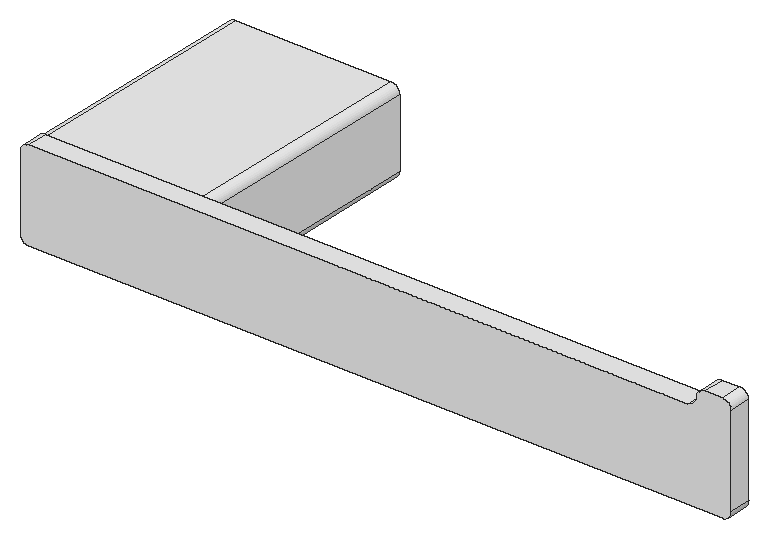
Revit family "rba-bim-rba1643-112", category Plumbing Fixtures, Revit 2016
Family settings
  Part Type = Normal
  Round Connector Dimension = Use Diameter
  Work Plane-Based = No
  Always vertical = Yes
  Cut with Voids When Loaded = No
  Shared = Yes
  Room Calculation Point = No
Parameters (values of type "RBA1643-112")
  Watermarked By = "www.rba.com.au"
  Waste Connection = yes
  Vent Connection = yes
  URL = ""
  Phone Number = "1300 788 778"
  Modified Issue = "20190225.01"
  Model = "RBA1643-112"
  Materials and Finishes = Chrome Plated Brass
  Manufacturer Model = ""
  Manufacturer = "RBA Group"  # constant formula
  HW Connection = yes
  Description = "äska Toilet Roll Holder #2"
  Copyright by = "RBA Group"  # constant formula
  CW Connection = yes
Reference planes
  plane 1 "Center (Front/Back)": y = 0
  plane 2: z = 0
  plane 3 "Center (Left/Right)": x = 0
Forms (mm)
  Extrusion 1, solid, material "Chrome Plated Brass" <- "Materials and Finishes"
    sketch origin (-62, 0, 0) x (1, 0, 0) y (0, 0, 1)
      loop
        arc (44, 20.5) -> (42.586, 19.914) -> (42, 18.5) r 2
        line (42, 18.5) -> (42, 2.5)
        arc (42, 2.5) -> (42.586, 1.086) -> (44, 0.5) r 2
        line (44, 0.5) -> (80, 0.5)
        arc (80, 0.5) -> (81.414, 1.086) -> (82, 2.5) r 2
        line (82, 2.5) -> (82, 18.5)
        arc (82, 18.5) -> (81.414, 19.914) -> (80, 20.5) r 2
        line (80, 20.5) -> (44, 20.5)
    from 0 to 55
  Extrusion 2, solid, material "Chrome Plated Brass" <- "Materials and Finishes"
    sketch origin (62.5, 0, 0) x (1, 0, 0) y (0, 0, 1)
      loop
        line (72.5, 21) -> (-80.5, 21)
        arc (-80.5, 21) -> (-81.914, 20.414) -> (-82.5, 19) r 2
        line (-82.5, 19) -> (-82.5, 2)
        arc (-82.5, 2) -> (-81.914, 0.586) -> (-80.5, 0) r 2
        line (-80.5, 0) -> (80.5, 0)
        arc (80.5, 0) -> (81.914, 0.586) -> (82.5, 2) r 2
        line (82.5, 2) -> (82.5, 23)
        arc (82.5, 23) -> (81.914, 24.414) -> (80.5, 25) r 2
        line (80.5, 25) -> (76.5, 25)
        arc (76.5, 25) -> (75.086, 24.414) -> (74.5, 23) r 2
        arc (74.5, 23) -> (73.914, 21.586) -> (72.5, 21) r 2
    from 55 to 60
Dimensions and locks
  aligned and locked: plane 2 to level
